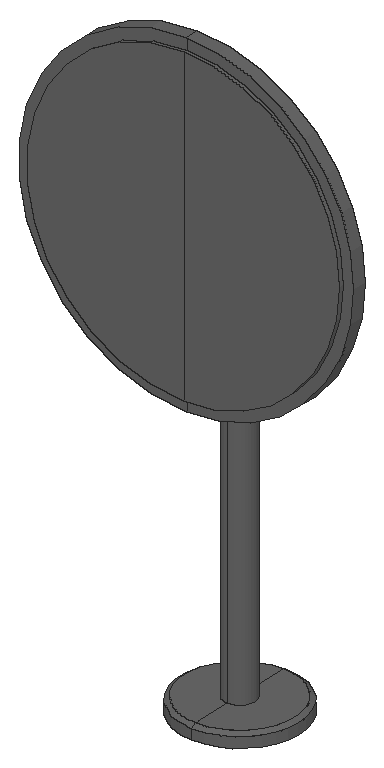
Revit family "Grohe_ShowerHead_SmartActive310_22123KF0", category Plumbing Fixtures, host Face, Revit 2020
Family settings
  Host = Face
  Round Connector Dimension = Use Diameter
  Part Type = Normal
  OmniClass Number = 23.45.05.00
  OmniClass Title = Sanitary Equipment
  Cut with Voids When Loaded = No
  Shared = No
  Room Calculation Point = No
Parameters (values of type "RAINSHOWER SMARTACTIVE 310 Head Shower Set (22123KF0)")
  _ObjectUserGuide = "https://www.bimstore.co/products/grohe-22123KF0/document/object-user-guide"
  _DistributedBy = "https://www.bimstore.co/"
  _CurrentRevision = 1
  _CreatedBy = "https://www.bimstore.co/"
  _BimSpecGuid = 0
  _BSBibleVersion = 17
  _AuthorizedBy = "bimstore"
  _Author = "AM 147"
  Waste Connection = no
  WarrantyStartDate [instance] = "Please Record On Commissioning."
  WarrantyGuarantorParts = "info-uk@grohe.com"
  WarrantyGuarantorLabor = "info-uk@grohe.com"
  WarrantyDurationUnit = "Years"
  WarrantyDurationParts = "0"
  WarrantyDurationLabor = "0"
  WarrantyDescription = "n/a"
  Vent Connection = no
  URL = "https://www.grohe.co.uk/"
  TypeName = "RAINSHOWER SMARTACTIVE 310 Head Shower Set"
  Type Comments = "RAINSHOWER SMARTACTIVE 310 Head Shower Set"
  TPIDocumentLink = "https://cdn.cloud.grohe.com/tpi/100000/100000/100000/100000/100060/100064/100064365/original/100064365.pdf"
  SustainabilityReport = "green.grohe.com/reporting"
  SustainabilityAward = "green.grohe.com/awards"
  SpareParts = "info-uk@grohe.com"
  Size = "n/a"
  Shape = "n/a"
  SerialNumber [instance] = "Please Record On Commissioning."
  ReplacementCost = "n/a"
  ReferencedStandard = "n/a"
  ProductionYear = "2023"
  ProductType = "Shower Set"
  ProductShortText = "Head shower set 430 mm, 2 sprays"
  ProductPageURL = "https://www.grohe.co.uk/en_gb/-22123KF0.html"
  ProductNumber = "22123KF0"
  ProductDescription = "consisting of:\r\n\r\nhead shower Rainshower SmartActive 310\r\n\r\n2 spray patterns:\r\n\r\nGROHE PureRain, ActiveRain\r\n\r\nhorizontal 430 mm shower arm\r\n\r\nGROHE DreamSpray perfect spray pattern\r\n\r\nGROHE Long-Life Shine finish\r\n\r\nSpeedClean anti-limescale system\r\n\r\nInner WaterGuide for a longer life\r\n\r\nrequires rough-in set 26 483 000 or 26 484 000 - to be ordered separately"
  PrimaryMaterial = Grohe_MattBlack
  PQDiagramLink = "https://cdn.cloud.grohe.com/PQCharts/lores/2/221/original/22123KF0-pqchart-en_GB.svg"
  NominalLength = 0.0 mm
  NominalHeight = 0.0 mm
  NominalDepth = 0.0 mm
  NBSReference = "45-35-70/333"
  NBSOfficeMasterTag = "n/a"
  NBSObjectName = "Grohe - Shower heads"
  NBSNote = "n/a"
  NBSDescription = "Shower heads"
  ModelReference = "RAINSHOWER SMARTACTIVE 310 Head Shower Set"
  ModelNumber = "22123KF0"
  Model = "RAINSHOWER SMARTACTIVE 310 Head Shower Set"
  Material = "n/a"
  ManufacturerName = "Grohe"
  Manufacturer = "Grohe"
  Keynote = "N13"
  InstallationDate [instance] = "Please Record On Commissioning."
  IfcExportType = "IfcPipeFittingType"
  IfcExportAs = "IfcPipeFitting"
  HW Connection = yes
  Grade = "n/a"
  GROHESustainability = "green.grohe.com"
  GROHESocialCommittment = "green.grohe.com/social_engagement"
  FullRecyclabilityOfPlastic = "All plastic components are fully recyclable"
  Finish = "n/a"
  Features = "n/a"
  ExpectedLife = 0
  Ecojoy = no
  EF023686 = "not applicable"
  EF023452 = "Other"
  EF022726 = "Internal thread"
  EF022224 = "TRUE"
  EF022223 = "FALSE"
  EF022222 = "FALSE"
  EF022221 = "FALSE"
  EF022042 = "None"
  EF021480 = "TRUE"
  EF021040 = "2"
  EF015309 = 400.0 mm
  EF015301 = "TRUE"
  EF012753 = "44.0"
  EF006114 = "FALSE"
  EF002671 = "Other"
  EF001707 = "70 °C"
  EF000653 = "TRUE"
  EF000551 = 310.0 mm
  EF000443 = "Other"
  EF000303 = 430.0 mm
  EF000051 = "Cascade spout"
  EF000049 = 585.0 mm
  EF000040 = 64.0 mm
  EF000008 = 310.0 mm
  DurationUnit = "Years"
  DocumentationTechnical = "https://www.bimstore.co/products/grohe-22123KF0/document/technical-data-sheet"
  DocumentationMaintenance = "https://www.bimstore.co/products/grohe-22123KF0/document/maintenance-information"
  DocumentationLiterature = "https://www.bimstore.co/products/grohe-22123KF0/document/product-literature"
  DocumentationInstallationGuide = "https://www.bimstore.co/products/grohe-22123KF0/document/installation-guide"
  DocumentationCertificates = "https://www.bimstore.co/products/grohe-22123KF0/document/product-certificates"
  DimensionsDocumentLink = "https://cdn.cloud.grohe.com/dimdraw/100000/100000/100000/100000/100090/100099/100099709/1280/100099709.jpg"
  Description = "RAINSHOWER SMARTACTIVE 310 Head Shower Set"
  Default Elevation = 0.0 mm
  CreatedOn = "2023-03-01T09:00:00"
  CreatedBy = "info-uk@grohe.com"
  CradleToCradleCertification = "n/a"
  Cost = 0
  Constituents = "n/a"
  Color = "Matt Black"
  CodePerformance = "n/a"
  ClassificationValue = "Pr_40_20_87_76"
  ClassificationName = "Uniclass2015"
  CW Connection = yes
  CO2NeutralProduction = "GROHE is one of the first leading manufacturer within the sanitary industry having a CO2-neutral production."
  BarCode [instance] = "Please Record On Commissioning."
  BIMObjectName = "Grohe_ShowerHead_SmartActive310_22123KF0"
  AssetType = "Fixed"
  AssetIdentifier [instance] = "n/a"
  Assembly Code = "D2010"
  AccessibilityPerformance = "n/a"
Reference planes
  plane 1 "Center (Front/Back)": y = 0
  plane 2: z = 0
  plane 3 "Center (Left/Right)": x = 0
Forms (mm)
  Revolve 1, solid, material "Grohe_MattBlack" <- "PrimaryMaterial", detail levels medium+fine
    sketch origin (35.953, -5670.878, 430.379) x (0, -1, 0) y (1, 0, 0)
      loop
        line (-5641.045, -61.002) -> (-5641.045, -35.953) -> (-5685.314, -35.953)
        arc (-5685.314, -35.953) -> (-5680.605, -50.543) -> (-5669.396, -61.002) r 30.517
        line (-5669.396, -61.002) -> (-5641.045, -61.002)
      axis (-5685.314, -35.953) -> (-5641.045, -35.953)
    angle from 0 to 360
  Revolve 2, solid, material "Grohe_MattBlack" <- "PrimaryMaterial", detail levels medium+fine
    sketch origin (0, 0, 0) x (0, 1, 0) y (0, 0, 1)
      loop
        line (-29.832, 455.702) -> (-40.992, 511.528) -> (-49.28, 585.379) -> (-61.482, 585.379) -> (-61.482, 430.379) -> (-29.832, 430.379) -> (-29.832, 455.702)
      axis (-61.482, 430.379) -> (-29.832, 430.379)
    angle from 0 to 360
  Revolve 3, solid, material "Grohe_MattBlack" <- "PrimaryMaterial", detail levels medium+fine
    sketch origin (0, -1220, 0) x (0, 1, 0) y (0, 0, 1)
      loop
        line (1158.518, 575.047) -> (1155.108, 575.047) -> (1155.108, 430.379) -> (1158.518, 430.379) -> (1158.518, 575.047)
      axis (1158.518, 430.379) -> (1155.108, 430.379)
    angle from 0 to 360
  Revolve 4, solid, material "Grohe_MattBlack" <- "PrimaryMaterial", detail levels coarse
    sketch origin (0, 0, 0) x (0, 1, 0) y (0, 0, 1)
      loop
        line (-64.892, 430.379) -> (14.234, 430.379) -> (14.234, 455.702) -> (-29.832, 455.702) -> (-49.28, 585.379) -> (-64.892, 585.379) -> (-64.892, 430.379)
      axis (14.234, 430.379) -> (-64.892, 430.379)
    angle from 0 to 360
  Revolve 5, solid, material "Grohe_MattBlack" <- "PrimaryMaterial", detail levels medium+fine
    sketch origin (0, 0, 0) x (0, 1, 0) y (0, 0, 1)
      loop
        line (0, 0) -> (0, 430.379) -> (-13.87, 430.379) -> (-13.87, 12.684) -> (-50.914, 12.684) -> (-54.961, 9.851) -> (-54.961, 0) -> (0, 0)
      axis (0, 430.379) -> (0, 0)
    angle from 0 to 360
  Extrusion 6, solid, material "Grohe_MattBlack" <- "PrimaryMaterial", detail levels coarse
    sketch origin (0, -82.454, 64.4) x (0, 1, 0) y (-1, 0, 0)
      loop
        circle (82.454, 0) r 13.87
    from -51.716 to 365.979
  Revolve 7, solid, material "Grohe_MattBlack" <- "PrimaryMaterial", detail levels coarse
    sketch origin (0, 0, 0) x (0, 1, 0) y (0, 0, 1)
      loop
        line (0, 12.684) -> (-54.961, 12.684) -> (-54.961, 0) -> (0, 0) -> (0, 12.684)
      axis (0, 0) -> (0, 12.684)
    angle from 0 to 360
Cuts and joins
  joined: Revolve 1, Revolve 5
  joined: Revolve 4, Extrusion 6
Dimensions and locks
  aligned and locked: plane 2 to host face
  aligned and locked: level to host face
Connectors
  piping at (0, 0, 0), diameter 15
    settings: on Revolve 7, index 1, connector inside diameter 609.6 mm, connector length 0.0 mm, flow factor 0, pipe flow 0.0 L/s, pressure drop 0.0 Pa, fitting loss kfactor 0, connector angle 0.00°, fixture units 0, engagement length 0.0 mm, angle of deflection 0.00°, flow configuration 0, flow direction 1, fitting loss method 0, system type 29, joint type 0, gender type 0, connector reference index -1, connector utility 0, adjustable connector no, is connector primary yes, connector description ""
